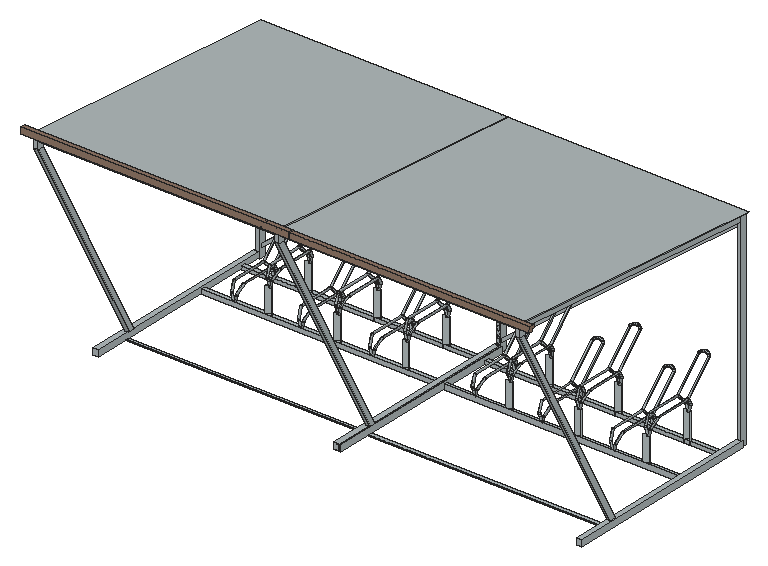
Revit family "Borås 12 Places", category Furniture, Revit 2020
Family settings
  OmniClass Number = 23.21.23.13.15
  Work Plane-Based = No
  Always vertical = Yes
  Cut with Voids When Loaded = No
  Shared = No
  Room Calculation Point = No
Parameters (values of type "8012489 Borås 12 Places / Galvanized")
  Uniclass 1.4 Description = "Furniture"
  Uniclass 1.4 Code = "L8211"
  URL = "https://www.hags.com/"
  QR code = ""
  Product url = "https://www.hags.com/en-us/park-urban/bicycle-storage/boraas-cycle-shelter/not-applicable-cast-in-place-12-places-aug-2010-galvanised"
  Product name = "Borås 12 Places / Galvanized"
  Product data url = ""
  Product SKU = ""
  Product Guid = "90e49432-c870-4a59-897e-b15016e8f9bd"
  OmniClass Description = ""
  OmniClass Code = "23-21 23 13 15"
  Model = "8012489"
  Manufacturer name = "HAGS"
  Manufacturer = "Hags"
  IFC Classification = "Furniture"
  Edition number = 1
  Description = "Borås 12 Places Galvanized "  # constant formula
  Default Elevation = 0 mm
  Construction material = Hags - Steel - Galvanized
  Body material_90 = Hags - Steel - Galvanized
  Body material = Hags - Steel - Galvanized
  BIMobject category = "bicycle-storage"
Reference planes
  plane 1 "Center (Front/Back)": y = 0
  plane 2: z = 0
  plane 3 "Center (Left/Right)": x = 0
Forms (mm)
  Extrusion 1, solid, material "Hags - Steel - Galvanized" <- "Construction material"
    sketch origin (-984.74, 2579.408, 0) x (0, 1, 0) y (0, 0, 1)
      loop
        line (-184.965, 0) -> (-184.965, 1710) -> (-234.965, 1710) -> (-234.965, 0) -> (-184.965, 0)
    from 0 to 32
  Extrusion 2, solid, material "Hags - Steel - Galvanized" <- "Construction material"
    sketch origin (-984.74, 2579.408, 0) x (0, 1, 0) y (0, 0, 1)
      loop
        line (-234.965, 1660) -> (-234.965, 1710) -> (-2462.806, 1904.911) -> (-2462.806, 1854.911) -> (-234.965, 1660)
    from 0 to 32
  Extrusion 3, solid, material "Hags - Steel - Galvanized" <- "Construction material"
    sketch origin (-985.052, 2579.408, 0) x (0, 1, 0) y (0, 0, 1)
      loop
        line (-2462.806, 1904.911) -> (-2512.806, 1904.911) -> (-2512.806, 1804.027) -> (-2462.806, 1804.027) -> (-2462.806, 1904.911)
    from 0 to 35
  Extrusion 4, solid, material "Hags - Steel - Galvanized" <- "Construction material"
    sketch origin (-985.052, 2579.408, 0) x (0, 1, 0) y (0, 0, 1)
      loop
        line (-2462.806, 1804.027) -> (-2512.806, 1804.027) -> (-1580.173, 50) -> (-1530.173, 50) -> (-1534.159, 57.495) -> (-2462.806, 1804.027)
    from 0 to 32
  Extrusion 5, solid, material "Hags - Steel - Galvanized" <- "Construction material"
    sketch origin (-1000.677, 2579.408, 0) x (0, 1, 0) y (0, 0, 1)
      loop
        line (-234.965, 50) -> (-1884.965, 50) -> (-1884.965, 0) -> (-234.965, 0) -> (-234.965, 50)
    from 0 to 43.755
  Extrusion 6, solid, material "Hags - Steel - Galvanized" <- "Construction material"
    sketch origin (-1000.677, 2384.408, 0) x (1, 0, 0) y (0, 0, 1)
      loop
        line (1995.745, 1698.705) -> (48.562, 1698.705) -> (48.562, 1664.079) -> (1995.745, 1664.079) -> (1995.745, 1698.705)
    from 0 to 32
  Extrusion 7, solid, material "Hags - Steel - Galvanized" <- "Construction material"
    sketch origin (-998.495, 109.408, 195.46) x (1, 0, 0) y (0, 0, 1)
      loop
        line (1995.745, 1698.705) -> (48.562, 1698.705) -> (48.562, 1664.079) -> (1995.745, 1664.079) -> (1995.745, 1698.705)
    from 0 to 38
  Extrusion 8, solid, material "Hags - Steel - Galvanized" <- "Construction material"
    sketch origin (-1000.677, 2384.408, 0) x (1, 0, 0) y (0, 0, 1)
      loop
        line (48.25, 73.319) -> (1994.904, 1618.13) -> (1994.904, 1650.001) -> (48.25, 103.265) -> (48.25, 73.319)
    from 0 to 32
  Extrusion 9, solid, material "Hags - Steel - Galvanized" <- "Construction material"
    sketch origin (-1000.677, 2579.408, 0) x (1, 0, 0) y (0, 1, 0)
      loop
        line (567.382, -415.587) -> (568.066, -416.141) -> (595.442, -389.704) -> (622.846, -415.88) -> (623.948, -415.585) -> (595.666, -387.302) -> (567.382, -415.587)
    from 0 to 245
  Extrusion 10, solid, material "Hags - Steel - Galvanized" <- "Construction material"
    sketch origin (-437.865, 2579.408, 0) x (1, 0, 0) y (0, 1, 0)
      loop
        line (567.382, -415.587) -> (568.066, -416.141) -> (595.442, -389.704) -> (622.846, -415.88) -> (623.948, -415.585) -> (595.666, -387.302) -> (567.382, -415.587)
    from 0 to 245
  Extrusion 11, solid, material "Hags - Steel - Galvanized" <- "Construction material"
    sketch origin (127.952, 2579.408, 0) x (1, 0, 0) y (0, 1, 0)
      loop
        line (567.382, -415.587) -> (568.066, -416.141) -> (595.442, -389.704) -> (622.846, -415.88) -> (623.948, -415.585) -> (595.666, -387.302) -> (567.382, -415.587)
    from 0 to 245
  Extrusion 12, solid, material "Hags - Steel - Galvanized" <- "Construction material"
    sketch origin (-1000.677, 2578.158, 0) x (1, 0, 0) y (0, 1, 0)
      loop
        line (48.562, -384.793) -> (48.562, -416.074) -> (1993.755, -416.074) -> (1993.755, -384.793) -> (48.562, -384.793)
    from 0 to 30
  Extrusion 13, solid, material "Hags - Steel - Galvanized" <- "Construction material"
    sketch origin (-1000.677, 2579.408, 0) x (1, 0, 0) y (0, 1, 0)
      loop
        line (46.821, -836.074) -> (1993.755, -836.074) -> (1993.755, -806.074) -> (46.821, -806.074) -> (46.821, -836.074)
    from 0 to 40
  Extrusion 14, solid, material "Hags - Steel - Galvanized" <- "Construction material"
    sketch origin (-1005.87, 1805.033, 2.5) x (1, 0, 0) y (0, 1, 0)
      loop
        line (48.948, -836.074) -> (1998.948, -836.074) -> (1998.948, -806.074) -> (48.948, -806.074) -> (48.948, -836.074)
    from 0 to 6
  Extrusion 15, solid, material "Hags - Steel - Galvanized" <- "Construction material"
    sketch origin (992.76, 2579.408, 0) x (0, 1, 0) y (0, 0, 1)
      loop
        line (-184.965, 0) -> (-184.965, 1710) -> (-234.965, 1710) -> (-234.965, 0) -> (-184.965, 0)
    from 0 to 32
  Extrusion 16, solid, material "Hags - Steel - Galvanized" <- "Construction material"
    sketch origin (992.76, 2579.408, 0) x (0, 1, 0) y (0, 0, 1)
      loop
        line (-234.965, 1660) -> (-234.965, 1710) -> (-2462.806, 1904.911) -> (-2462.806, 1854.911) -> (-234.965, 1660)
    from 0 to 32
  Extrusion 17, solid, material "Hags - Steel - Galvanized" <- "Construction material"
    sketch origin (992.448, 2579.408, 0) x (0, 1, 0) y (0, 0, 1)
      loop
        line (-2462.806, 1904.911) -> (-2512.806, 1904.911) -> (-2512.806, 1804.027) -> (-2462.806, 1804.027) -> (-2462.806, 1904.911)
    from 0 to 35
  Extrusion 18, solid, material "Hags - Steel - Galvanized" <- "Construction material"
    sketch origin (993.073, 2579.408, 0) x (0, 1, 0) y (0, 0, 1)
      loop
        line (-2462.806, 1804.027) -> (-2512.806, 1804.027) -> (-1580.173, 50) -> (-1530.173, 50) -> (-1534.159, 57.495) -> (-2462.806, 1804.027)
    from 0 to 32
  Extrusion 19, solid, material "Hags - Steel - Galvanized" <- "Construction material"
    sketch origin (994.13, 2579.408, 0) x (0, 1, 0) y (0, 0, 1)
      loop
        line (-234.965, 50) -> (-1884.965, 50) -> (-1884.965, 0) -> (-234.965, 0) -> (-234.965, 50)
    from 0 to 43.755
  Sweep 20, solid, material "Hags - Steel - Galvanized" <- "Body material"
    path origin (-364.372, 2583.549, -230.474) x (0, 1, 0) y (-0.309017, 0, 0.951057)
      loop
        line (-820.886, 0) -> (-820.886, 55.905) -> (-820.886, 59.124) -> (-819.965, 62.137) -> (-770.078, 125.99) -> (-766.002, 127.89) -> (-465.186, 127.89) -> (-461.094, 126.401) -> (-410.881, 58.199) -> (-410.115, 55.342) -> (-410.115, 0)
    profile origin (-373.01, 1762.663, -203.89) x (0, -1, 0) y (0.951057, 0, 0.309017)
      loop
        circle (0, 840.487) r 6.5
  Sweep 21, solid, material "Hags - Steel - Galvanized" <- "Body material"
    path origin (1244.524, 2583.549, -216.428) x (0, 1, 0) y (-0.292373, 0, -0.956304)
      loop
        line (-820.886, 0) -> (-820.886, -55.905) -> (-820.886, -59.124) -> (-819.965, -62.137) -> (-770.078, -125.99) -> (-766.002, -127.89) -> (-465.186, -127.89) -> (-461.094, -126.401) -> (-410.881, -58.199) -> (-410.115, -55.342) -> (-410.115, 0)
    profile origin (1252.697, 1762.663, -189.697) x (0, 1, 0) y (-0.956304, 0, 0.292373)
      loop
        circle (0, 840.487) r 6.5
  Sweep 22, solid, material "Hags - Steel - Galvanized" <- "Body material"
    path origin (-444.55, 2090.782, 123.616) x (1, 0, 0) y (0, 0.707107, 0.707107)
      loop
        line (839.702, 42.921) -> (839.702, 340.837) -> (840.265, 347.267) -> (843.228, 353.621) -> (847.934, 360.598) -> (855.705, 366.891) -> (865.691, 370.724) -> (877.383, 372.786) -> (881.238, 372.786) -> (892.864, 371.768) -> (903.629, 368.682) -> (914.205, 361.548) -> (920.498, 353.776) -> (923.074, 342.622) -> (923.074, 42.921)
    profile origin (395.152, 2226.462, 259.295) x (-1, 0, 0) y (0, -0.707107, 0.707107)
      loop
        circle (0, 0) r 6.547
  Sweep 23, solid, material "Hags - Steel - Galvanized" <- "Body material"
    path origin (-949.372, 2583.549, -230.474) x (0, 1, 0) y (-0.309017, 0, 0.951057)
      loop
        line (-820.886, 0) -> (-820.886, 55.905) -> (-820.886, 59.124) -> (-819.965, 62.137) -> (-770.078, 125.99) -> (-766.002, 127.89) -> (-465.186, 127.89) -> (-461.094, 126.401) -> (-410.881, 58.199) -> (-410.115, 55.342) -> (-410.115, 0)
    profile origin (-958.01, 1762.663, -203.89) x (0, -1, 0) y (0.951057, 0, 0.309017)
      loop
        circle (0, 840.487) r 6.5
  Sweep 24, solid, material "Hags - Steel - Galvanized" <- "Body material"
    path origin (659.524, 2583.549, -216.428) x (0, 1, 0) y (-0.292373, 0, -0.956304)
      loop
        line (-820.886, 0) -> (-820.886, -55.905) -> (-820.886, -59.124) -> (-819.965, -62.137) -> (-770.078, -125.99) -> (-766.002, -127.89) -> (-465.186, -127.89) -> (-461.094, -126.401) -> (-410.881, -58.199) -> (-410.115, -55.342) -> (-410.115, 0)
    profile origin (667.697, 1762.663, -189.697) x (0, 1, 0) y (-0.956304, 0, 0.292373)
      loop
        circle (0, 840.487) r 6.5
  Sweep 25, solid, material "Hags - Steel - Galvanized" <- "Body material"
    path origin (-1029.55, 2090.782, 123.616) x (1, 0, 0) y (0, 0.707107, 0.707107)
      loop
        line (839.702, 42.921) -> (839.702, 340.837) -> (840.265, 347.267) -> (843.228, 353.621) -> (847.934, 360.598) -> (855.705, 366.891) -> (865.691, 370.724) -> (877.383, 372.786) -> (881.238, 372.786) -> (892.864, 371.768) -> (903.629, 368.682) -> (914.205, 361.548) -> (920.498, 353.776) -> (923.074, 342.622) -> (923.074, 42.921)
    profile origin (-189.848, 2226.462, 259.295) x (-1, 0, 0) y (0, -0.707107, 0.707107)
      loop
        circle (0, 0) r 6.547
  Sweep 26, solid, material "Hags - Steel - Galvanized" <- "Body material"
    path origin (-1499.372, 2583.549, -230.474) x (0, 1, 0) y (-0.309017, 0, 0.951057)
      loop
        line (-820.886, 0) -> (-820.886, 55.905) -> (-820.886, 59.124) -> (-819.965, 62.137) -> (-770.078, 125.99) -> (-766.002, 127.89) -> (-465.186, 127.89) -> (-461.094, 126.401) -> (-410.881, 58.199) -> (-410.115, 55.342) -> (-410.115, 0)
    profile origin (-1508.01, 1762.663, -203.89) x (0, -1, 0) y (0.951057, 0, 0.309017)
      loop
        circle (0, 840.487) r 6.5
  Sweep 27, solid, material "Hags - Steel - Galvanized" <- "Body material"
    path origin (109.524, 2583.549, -216.428) x (0, 1, 0) y (-0.292373, 0, -0.956304)
      loop
        line (-820.886, 0) -> (-820.886, -55.905) -> (-820.886, -59.124) -> (-819.965, -62.137) -> (-770.078, -125.99) -> (-766.002, -127.89) -> (-465.186, -127.89) -> (-461.094, -126.401) -> (-410.881, -58.199) -> (-410.115, -55.342) -> (-410.115, 0)
    profile origin (117.697, 1762.663, -189.697) x (0, 1, 0) y (-0.956304, 0, 0.292373)
      loop
        circle (0, 840.487) r 6.5
  Sweep 28, solid, material "Hags - Steel - Galvanized" <- "Body material"
    path origin (-1579.55, 2090.782, 123.616) x (1, 0, 0) y (0, 0.707107, 0.707107)
      loop
        line (839.702, 42.921) -> (839.702, 340.837) -> (840.265, 347.267) -> (843.228, 353.621) -> (847.934, 360.598) -> (855.705, 366.891) -> (865.691, 370.724) -> (877.383, 372.786) -> (881.238, 372.786) -> (892.864, 371.768) -> (903.629, 368.682) -> (914.205, 361.548) -> (920.498, 353.776) -> (923.074, 342.622) -> (923.074, 42.921)
    profile origin (-739.848, 2226.462, 259.295) x (-1, 0, 0) y (0, -0.707107, 0.707107)
      loop
        circle (0, 0) r 6.547
  Sweep 29, solid, material "Hags - Steel - Galvanized" <- "Body material"
    path origin (-76.723, 2583.549, -20.216) x (0, 1, 0) y (-0.309017, 0, 0.951057)
      loop
        line (-820.886, 0) -> (-820.886, 55.905) -> (-820.886, 59.124) -> (-819.965, 62.137) -> (-770.078, 125.99) -> (-766.002, 127.89) -> (-465.186, 127.89) -> (-461.094, 126.401) -> (-410.881, 58.199) -> (-410.115, 55.342) -> (-410.115, 0)
    profile origin (-85.361, 1762.663, 6.368) x (0, -1, 0) y (0.951057, 0, 0.309017)
      loop
        circle (0, 840.487) r 6.5
  Sweep 30, solid, material "Hags - Steel - Galvanized" <- "Body material"
    path origin (1532.174, 2583.549, -6.17) x (0, 1, 0) y (-0.292373, 0, -0.956304)
      loop
        line (-820.886, 0) -> (-820.886, -55.905) -> (-820.886, -59.124) -> (-819.965, -62.137) -> (-770.078, -125.99) -> (-766.002, -127.89) -> (-465.186, -127.89) -> (-461.094, -126.401) -> (-410.881, -58.199) -> (-410.115, -55.342) -> (-410.115, 0)
    profile origin (1540.346, 1762.663, 20.561) x (0, 1, 0) y (-0.956304, 0, 0.292373)
      loop
        circle (0, 840.487) r 6.5
  Sweep 31, solid, material "Hags - Steel - Galvanized" <- "Body material"
    path origin (-156.901, 2090.782, 333.874) x (1, 0, 0) y (0, 0.707107, 0.707107)
      loop
        line (839.702, 42.921) -> (839.702, 340.837) -> (840.265, 347.267) -> (843.228, 353.621) -> (847.934, 360.598) -> (855.705, 366.891) -> (865.691, 370.724) -> (877.383, 372.786) -> (881.238, 372.786) -> (892.864, 371.768) -> (903.629, 368.682) -> (914.205, 361.548) -> (920.498, 353.776) -> (923.074, 342.622) -> (923.074, 42.921)
    profile origin (682.801, 2226.462, 469.553) x (-1, 0, 0) y (0, -0.707107, 0.707107)
      loop
        circle (0, 0) r 6.547
  Extrusion 32, solid, material "Hags - Steel - Galvanized" <- "Construction material"
    sketch origin (127.952, 2165.658, 0) x (1, 0, 0) y (0, 1, 0)
      loop
        line (567.382, -415.587) -> (568.066, -416.141) -> (595.442, -389.704) -> (622.846, -415.88) -> (623.948, -415.585) -> (595.666, -387.302) -> (567.382, -415.587)
    from 0 to 245
  Sweep 33, solid, material "Hags - Steel - Galvanized" <- "Body material"
    path origin (-641.723, 2583.549, -20.216) x (0, 1, 0) y (-0.309017, 0, 0.951057)
      loop
        line (-820.886, 0) -> (-820.886, 55.905) -> (-820.886, 59.124) -> (-819.965, 62.137) -> (-770.078, 125.99) -> (-766.002, 127.89) -> (-465.186, 127.89) -> (-461.094, 126.401) -> (-410.881, 58.199) -> (-410.115, 55.342) -> (-410.115, 0)
    profile origin (-650.361, 1762.663, 6.368) x (0, -1, 0) y (0.951057, 0, 0.309017)
      loop
        circle (0, 840.487) r 6.5
  Sweep 34, solid, material "Hags - Steel - Galvanized" <- "Body material"
    path origin (967.174, 2583.549, -6.17) x (0, 1, 0) y (-0.292373, 0, -0.956304)
      loop
        line (-820.886, 0) -> (-820.886, -55.905) -> (-820.886, -59.124) -> (-819.965, -62.137) -> (-770.078, -125.99) -> (-766.002, -127.89) -> (-465.186, -127.89) -> (-461.094, -126.401) -> (-410.881, -58.199) -> (-410.115, -55.342) -> (-410.115, 0)
    profile origin (975.346, 1762.663, 20.561) x (0, 1, 0) y (-0.956304, 0, 0.292373)
      loop
        circle (0, 840.487) r 6.5
  Sweep 35, solid, material "Hags - Steel - Galvanized" <- "Body material"
    path origin (-721.901, 2090.782, 333.874) x (1, 0, 0) y (0, 0.707107, 0.707107)
      loop
        line (839.702, 42.921) -> (839.702, 340.837) -> (840.265, 347.267) -> (843.228, 353.621) -> (847.934, 360.598) -> (855.705, 366.891) -> (865.691, 370.724) -> (877.383, 372.786) -> (881.238, 372.786) -> (892.864, 371.768) -> (903.629, 368.682) -> (914.205, 361.548) -> (920.498, 353.776) -> (923.074, 342.622) -> (923.074, 42.921)
    profile origin (117.801, 2226.462, 469.553) x (-1, 0, 0) y (0, -0.707107, 0.707107)
      loop
        circle (0, 0) r 6.547
  Extrusion 36, solid, material "Hags - Steel - Galvanized" <- "Construction material"
    sketch origin (-437.048, 2165.658, 0) x (1, 0, 0) y (0, 1, 0)
      loop
        line (567.382, -415.587) -> (568.066, -416.141) -> (595.442, -389.704) -> (622.846, -415.88) -> (623.948, -415.585) -> (595.666, -387.302) -> (567.382, -415.587)
    from 0 to 245
  Sweep 37, solid, material "Hags - Steel - Galvanized" <- "Body material"
    path origin (-1205.473, 2583.549, -20.216) x (0, 1, 0) y (-0.309017, 0, 0.951057)
      loop
        line (-820.886, 0) -> (-820.886, 55.905) -> (-820.886, 59.124) -> (-819.965, 62.137) -> (-770.078, 125.99) -> (-766.002, 127.89) -> (-465.186, 127.89) -> (-461.094, 126.401) -> (-410.881, 58.199) -> (-410.115, 55.342) -> (-410.115, 0)
    profile origin (-1214.111, 1762.663, 6.368) x (0, -1, 0) y (0.951057, 0, 0.309017)
      loop
        circle (0, 840.487) r 6.5
  Sweep 38, solid, material "Hags - Steel - Galvanized" <- "Body material"
    path origin (403.424, 2583.549, -6.17) x (0, 1, 0) y (-0.292373, 0, -0.956304)
      loop
        line (-820.886, 0) -> (-820.886, -55.905) -> (-820.886, -59.124) -> (-819.965, -62.137) -> (-770.078, -125.99) -> (-766.002, -127.89) -> (-465.186, -127.89) -> (-461.094, -126.401) -> (-410.881, -58.199) -> (-410.115, -55.342) -> (-410.115, 0)
    profile origin (411.596, 1762.663, 20.561) x (0, 1, 0) y (-0.956304, 0, 0.292373)
      loop
        circle (0, 840.487) r 6.5
  Sweep 39, solid, material "Hags - Steel - Galvanized" <- "Body material"
    path origin (-1285.651, 2090.782, 333.874) x (1, 0, 0) y (0, 0.707107, 0.707107)
      loop
        line (839.702, 42.921) -> (839.702, 340.837) -> (840.265, 347.267) -> (843.228, 353.621) -> (847.934, 360.598) -> (855.705, 366.891) -> (865.691, 370.724) -> (877.383, 372.786) -> (881.238, 372.786) -> (892.864, 371.768) -> (903.629, 368.682) -> (914.205, 361.548) -> (920.498, 353.776) -> (923.074, 342.622) -> (923.074, 42.921)
    profile origin (-445.949, 2226.462, 469.553) x (-1, 0, 0) y (0, -0.707107, 0.707107)
      loop
        circle (0, 0) r 6.547
  Extrusion 40, solid, material "Hags - Steel - Galvanized" <- "Construction material"
    sketch origin (-1000.798, 2165.658, 0) x (1, 0, 0) y (0, 1, 0)
      loop
        line (567.382, -415.587) -> (568.066, -416.141) -> (595.442, -389.704) -> (622.846, -415.88) -> (623.948, -415.585) -> (595.666, -387.302) -> (567.382, -415.587)
    from 0 to 245
  Extrusion 41, solid, material "Hags - Wood - Bark brown"
    sketch origin (-1075.269, 2592.308, -25) x (0, 1, 0) y (0, 0, 1)
      loop
        line (-2549.63, 1911.391) -> (-2527.825, 1909.1) -> (-2525.404, 1932.128) -> (-2502.617, 1929.733) -> (-2500.3, 1951.774) -> (-2544.893, 1956.461) -> (-2549.63, 1911.391)
    from -1.351 to 2200
  Extrusion 42, solid, material "Hags - Steel - Galvanized" <- "Body material"
    sketch origin (3679.106, -1732.992, 2066.313) x (1, 0, 0) y (0, 0.996302, -0.085916)
      loop
        line (-4664.158, 1835.544) -> (-2639.158, 1835.544) -> (-2639.158, 4145.544) -> (-4664.158, 4145.544) -> (-4664.158, 1835.544)
    from 0 to 8
  Extrusion 43, solid, material "Hags - Steel - Galvanized" <- "Construction material"
    sketch origin (-2962.865, 2579.408, 0) x (0, 1, 0) y (0, 0, 1)
      loop
        line (-184.965, 0) -> (-184.965, 1710) -> (-234.965, 1710) -> (-234.965, 0) -> (-184.965, 0)
    from 0 to 32
  Extrusion 44, solid, material "Hags - Steel - Galvanized" <- "Construction material"
    sketch origin (-2962.865, 2579.408, 0) x (0, 1, 0) y (0, 0, 1)
      loop
        line (-234.965, 1660) -> (-234.965, 1710) -> (-2462.806, 1904.911) -> (-2462.806, 1854.911) -> (-234.965, 1660)
    from 0 to 32
  Extrusion 45, solid, material "Hags - Steel - Galvanized" <- "Construction material"
    sketch origin (-2963.177, 2579.408, 0) x (0, 1, 0) y (0, 0, 1)
      loop
        line (-2462.806, 1904.911) -> (-2512.806, 1904.911) -> (-2512.806, 1804.027) -> (-2462.806, 1804.027) -> (-2462.806, 1904.911)
    from 0 to 35
  Extrusion 46, solid, material "Hags - Steel - Galvanized" <- "Construction material"
    sketch origin (-2963.177, 2579.408, 0) x (0, 1, 0) y (0, 0, 1)
      loop
        line (-2462.806, 1804.027) -> (-2512.806, 1804.027) -> (-1580.173, 50) -> (-1530.173, 50) -> (-1534.159, 57.495) -> (-2462.806, 1804.027)
    from 0 to 32
  Extrusion 47, solid, material "Hags - Steel - Galvanized" <- "Construction material"
    sketch origin (-2978.802, 2579.408, 0) x (0, 1, 0) y (0, 0, 1)
      loop
        line (-234.965, 50) -> (-1884.965, 50) -> (-1884.965, 0) -> (-234.965, 0) -> (-234.965, 50)
    from 0 to 43.755
  Extrusion 48, solid, material "Hags - Steel - Galvanized" <- "Construction material"
    sketch origin (-2978.802, 2384.408, 0) x (1, 0, 0) y (0, 0, 1)
      loop
        line (1995.745, 1698.705) -> (48.562, 1698.705) -> (48.562, 1664.079) -> (1995.745, 1664.079) -> (1995.745, 1698.705)
    from 0 to 32
  Extrusion 49, solid, material "Hags - Steel - Galvanized" <- "Construction material"
    sketch origin (-2976.62, 109.408, 195.46) x (1, 0, 0) y (0, 0, 1)
      loop
        line (1995.745, 1698.705) -> (48.562, 1698.705) -> (48.562, 1664.079) -> (1995.745, 1664.079) -> (1995.745, 1698.705)
    from 0 to 38
  Extrusion 50, solid, material "Hags - Steel - Galvanized" <- "Construction material"
    sketch origin (-2978.802, 2384.408, 0) x (1, 0, 0) y (0, 0, 1)
      loop
        line (48.25, 73.319) -> (1994.904, 1618.13) -> (1994.904, 1650.001) -> (48.25, 103.265) -> (48.25, 73.319)
    from 0 to 32
  Extrusion 51, solid, material "Hags - Steel - Galvanized" <- "Construction material"
    sketch origin (-2978.802, 2579.408, 0) x (1, 0, 0) y (0, 1, 0)
      loop
        line (567.382, -415.587) -> (568.066, -416.141) -> (595.442, -389.704) -> (622.846, -415.88) -> (623.948, -415.585) -> (595.666, -387.302) -> (567.382, -415.587)
    from 0 to 245
  Extrusion 52, solid, material "Hags - Steel - Galvanized" <- "Construction material"
    sketch origin (-2415.99, 2579.408, 0) x (1, 0, 0) y (0, 1, 0)
      loop
        line (567.382, -415.587) -> (568.066, -416.141) -> (595.442, -389.704) -> (622.846, -415.88) -> (623.948, -415.585) -> (595.666, -387.302) -> (567.382, -415.587)
    from 0 to 245
  Extrusion 53, solid, material "Hags - Steel - Galvanized" <- "Construction material"
    sketch origin (-1850.173, 2579.408, 0) x (1, 0, 0) y (0, 1, 0)
      loop
        line (567.382, -415.587) -> (568.066, -416.141) -> (595.442, -389.704) -> (622.846, -415.88) -> (623.948, -415.585) -> (595.666, -387.302) -> (567.382, -415.587)
    from 0 to 245
  Extrusion 54, solid, material "Hags - Steel - Galvanized" <- "Construction material"
    sketch origin (-2978.802, 2578.158, 0) x (1, 0, 0) y (0, 1, 0)
      loop
        line (48.562, -384.793) -> (48.562, -416.074) -> (1993.755, -416.074) -> (1993.755, -384.793) -> (48.562, -384.793)
    from 0 to 30
  Extrusion 55, solid, material "Hags - Steel - Galvanized" <- "Construction material"
    sketch origin (-2978.802, 2579.408, 0) x (1, 0, 0) y (0, 1, 0)
      loop
        line (46.821, -836.074) -> (1993.755, -836.074) -> (1993.755, -806.074) -> (46.821, -806.074) -> (46.821, -836.074)
    from 0 to 40
  Extrusion 56, solid, material "Hags - Steel - Galvanized" <- "Construction material"
    sketch origin (-2983.995, 1805.033, 2.5) x (1, 0, 0) y (0, 1, 0)
      loop
        line (48.948, -836.074) -> (1998.948, -836.074) -> (1998.948, -806.074) -> (48.948, -806.074) -> (48.948, -836.074)
    from 0 to 6
  Extrusion 57, solid, material "Hags - Steel - Galvanized" <- "Construction material"
    sketch origin (-985.365, 2579.408, 0) x (0, 1, 0) y (0, 0, 1)
      loop
        line (-184.965, 0) -> (-184.965, 1710) -> (-234.965, 1710) -> (-234.965, 0) -> (-184.965, 0)
    from 0 to 32
  Extrusion 58, solid, material "Hags - Steel - Galvanized" <- "Construction material"
    sketch origin (-985.365, 2579.408, 0) x (0, 1, 0) y (0, 0, 1)
      loop
        line (-234.965, 1660) -> (-234.965, 1710) -> (-2462.806, 1904.911) -> (-2462.806, 1854.911) -> (-234.965, 1660)
    from 0 to 32
  Extrusion 59, solid, material "Hags - Steel - Galvanized" <- "Construction material"
    sketch origin (-985.677, 2579.408, 0) x (0, 1, 0) y (0, 0, 1)
      loop
        line (-2462.806, 1904.911) -> (-2512.806, 1904.911) -> (-2512.806, 1804.027) -> (-2462.806, 1804.027) -> (-2462.806, 1904.911)
    from 0 to 35
  Extrusion 60, solid, material "Hags - Steel - Galvanized" <- "Construction material"
    sketch origin (-985.052, 2579.408, 0) x (0, 1, 0) y (0, 0, 1)
      loop
        line (-2462.806, 1804.027) -> (-2512.806, 1804.027) -> (-1580.173, 50) -> (-1530.173, 50) -> (-1534.159, 57.495) -> (-2462.806, 1804.027)
    from 0 to 32
  Extrusion 61, solid, material "Hags - Steel - Galvanized" <- "Construction material"
    sketch origin (-983.995, 2579.408, 0) x (0, 1, 0) y (0, 0, 1)
      loop
        line (-234.965, 50) -> (-1884.965, 50) -> (-1884.965, 0) -> (-234.965, 0) -> (-234.965, 50)
    from 0 to 43.755
  Sweep 62, solid, material "Hags - Steel - Galvanized" <- "Body material"
    path origin (-2342.497, 2583.549, -230.474) x (0, 1, 0) y (-0.309017, 0, 0.951057)
      loop
        line (-820.886, 0) -> (-820.886, 55.905) -> (-820.886, 59.124) -> (-819.965, 62.137) -> (-770.078, 125.99) -> (-766.002, 127.89) -> (-465.186, 127.89) -> (-461.094, 126.401) -> (-410.881, 58.199) -> (-410.115, 55.342) -> (-410.115, 0)
    profile origin (-2351.135, 1762.663, -203.89) x (0, -1, 0) y (0.951057, 0, 0.309017)
      loop
        circle (0, 840.487) r 6.5
  Sweep 63, solid, material "Hags - Steel - Galvanized" <- "Body material"
    path origin (-733.601, 2583.549, -216.428) x (0, 1, 0) y (-0.292373, 0, -0.956304)
      loop
        line (-820.886, 0) -> (-820.886, -55.905) -> (-820.886, -59.124) -> (-819.965, -62.137) -> (-770.078, -125.99) -> (-766.002, -127.89) -> (-465.186, -127.89) -> (-461.094, -126.401) -> (-410.881, -58.199) -> (-410.115, -55.342) -> (-410.115, 0)
    profile origin (-725.428, 1762.663, -189.697) x (0, 1, 0) y (-0.956304, 0, 0.292373)
      loop
        circle (0, 840.487) r 6.5
  Sweep 64, solid, material "Hags - Steel - Galvanized" <- "Body material"
    path origin (-2422.675, 2090.782, 123.616) x (1, 0, 0) y (0, 0.707107, 0.707107)
      loop
        line (839.702, 42.921) -> (839.702, 340.837) -> (840.265, 347.267) -> (843.228, 353.621) -> (847.934, 360.598) -> (855.705, 366.891) -> (865.691, 370.724) -> (877.383, 372.786) -> (881.238, 372.786) -> (892.864, 371.768) -> (903.629, 368.682) -> (914.205, 361.548) -> (920.498, 353.776) -> (923.074, 342.622) -> (923.074, 42.921)
    profile origin (-1582.973, 2226.462, 259.295) x (-1, 0, 0) y (0, -0.707107, 0.707107)
      loop
        circle (0, 0) r 6.547
  Sweep 65, solid, material "Hags - Steel - Galvanized" <- "Body material"
    path origin (-2927.497, 2583.549, -230.474) x (0, 1, 0) y (-0.309017, 0, 0.951057)
      loop
        line (-820.886, 0) -> (-820.886, 55.905) -> (-820.886, 59.124) -> (-819.965, 62.137) -> (-770.078, 125.99) -> (-766.002, 127.89) -> (-465.186, 127.89) -> (-461.094, 126.401) -> (-410.881, 58.199) -> (-410.115, 55.342) -> (-410.115, 0)
    profile origin (-2936.135, 1762.663, -203.89) x (0, -1, 0) y (0.951057, 0, 0.309017)
      loop
        circle (0, 840.487) r 6.5
  Sweep 66, solid, material "Hags - Steel - Galvanized" <- "Body material"
    path origin (-1318.601, 2583.549, -216.428) x (0, 1, 0) y (-0.292373, 0, -0.956304)
      loop
        line (-820.886, 0) -> (-820.886, -55.905) -> (-820.886, -59.124) -> (-819.965, -62.137) -> (-770.078, -125.99) -> (-766.002, -127.89) -> (-465.186, -127.89) -> (-461.094, -126.401) -> (-410.881, -58.199) -> (-410.115, -55.342) -> (-410.115, 0)
    profile origin (-1310.428, 1762.663, -189.697) x (0, 1, 0) y (-0.956304, 0, 0.292373)
      loop
        circle (0, 840.487) r 6.5
  Sweep 67, solid, material "Hags - Steel - Galvanized" <- "Body material"
    path origin (-3007.675, 2090.782, 123.616) x (1, 0, 0) y (0, 0.707107, 0.707107)
      loop
        line (839.702, 42.921) -> (839.702, 340.837) -> (840.265, 347.267) -> (843.228, 353.621) -> (847.934, 360.598) -> (855.705, 366.891) -> (865.691, 370.724) -> (877.383, 372.786) -> (881.238, 372.786) -> (892.864, 371.768) -> (903.629, 368.682) -> (914.205, 361.548) -> (920.498, 353.776) -> (923.074, 342.622) -> (923.074, 42.921)
    profile origin (-2167.973, 2226.462, 259.295) x (-1, 0, 0) y (0, -0.707107, 0.707107)
      loop
        circle (0, 0) r 6.547
  Sweep 68, solid, material "Hags - Steel - Galvanized" <- "Body material"
    path origin (-3477.497, 2583.549, -230.474) x (0, 1, 0) y (-0.309017, 0, 0.951057)
      loop
        line (-820.886, 0) -> (-820.886, 55.905) -> (-820.886, 59.124) -> (-819.965, 62.137) -> (-770.078, 125.99) -> (-766.002, 127.89) -> (-465.186, 127.89) -> (-461.094, 126.401) -> (-410.881, 58.199) -> (-410.115, 55.342) -> (-410.115, 0)
    profile origin (-3486.135, 1762.663, -203.89) x (0, -1, 0) y (0.951057, 0, 0.309017)
      loop
        circle (0, 840.487) r 6.5
  Sweep 69, solid, material "Hags - Steel - Galvanized" <- "Body material"
    path origin (-1868.601, 2583.549, -216.428) x (0, 1, 0) y (-0.292373, 0, -0.956304)
      loop
        line (-820.886, 0) -> (-820.886, -55.905) -> (-820.886, -59.124) -> (-819.965, -62.137) -> (-770.078, -125.99) -> (-766.002, -127.89) -> (-465.186, -127.89) -> (-461.094, -126.401) -> (-410.881, -58.199) -> (-410.115, -55.342) -> (-410.115, 0)
    profile origin (-1860.428, 1762.663, -189.697) x (0, 1, 0) y (-0.956304, 0, 0.292373)
      loop
        circle (0, 840.487) r 6.5
  Sweep 70, solid, material "Hags - Steel - Galvanized" <- "Body material"
    path origin (-3557.675, 2090.782, 123.616) x (1, 0, 0) y (0, 0.707107, 0.707107)
      loop
        line (839.702, 42.921) -> (839.702, 340.837) -> (840.265, 347.267) -> (843.228, 353.621) -> (847.934, 360.598) -> (855.705, 366.891) -> (865.691, 370.724) -> (877.383, 372.786) -> (881.238, 372.786) -> (892.864, 371.768) -> (903.629, 368.682) -> (914.205, 361.548) -> (920.498, 353.776) -> (923.074, 342.622) -> (923.074, 42.921)
    profile origin (-2717.973, 2226.462, 259.295) x (-1, 0, 0) y (0, -0.707107, 0.707107)
      loop
        circle (0, 0) r 6.547
  Sweep 71, solid, material "Hags - Steel - Galvanized" <- "Body material"
    path origin (-2054.848, 2583.549, -20.216) x (0, 1, 0) y (-0.309017, 0, 0.951057)
      loop
        line (-820.886, 0) -> (-820.886, 55.905) -> (-820.886, 59.124) -> (-819.965, 62.137) -> (-770.078, 125.99) -> (-766.002, 127.89) -> (-465.186, 127.89) -> (-461.094, 126.401) -> (-410.881, 58.199) -> (-410.115, 55.342) -> (-410.115, 0)
    profile origin (-2063.486, 1762.663, 6.368) x (0, -1, 0) y (0.951057, 0, 0.309017)
      loop
        circle (0, 840.487) r 6.5
  Sweep 72, solid, material "Hags - Steel - Galvanized" <- "Body material"
    path origin (-445.951, 2583.549, -6.17) x (0, 1, 0) y (-0.292373, 0, -0.956304)
      loop
        line (-820.886, 0) -> (-820.886, -55.905) -> (-820.886, -59.124) -> (-819.965, -62.137) -> (-770.078, -125.99) -> (-766.002, -127.89) -> (-465.186, -127.89) -> (-461.094, -126.401) -> (-410.881, -58.199) -> (-410.115, -55.342) -> (-410.115, 0)
    profile origin (-437.779, 1762.663, 20.561) x (0, 1, 0) y (-0.956304, 0, 0.292373)
      loop
        circle (0, 840.487) r 6.5
  Sweep 73, solid, material "Hags - Steel - Galvanized" <- "Body material"
    path origin (-2135.026, 2090.782, 333.874) x (1, 0, 0) y (0, 0.707107, 0.707107)
      loop
        line (839.702, 42.921) -> (839.702, 340.837) -> (840.265, 347.267) -> (843.228, 353.621) -> (847.934, 360.598) -> (855.705, 366.891) -> (865.691, 370.724) -> (877.383, 372.786) -> (881.238, 372.786) -> (892.864, 371.768) -> (903.629, 368.682) -> (914.205, 361.548) -> (920.498, 353.776) -> (923.074, 342.622) -> (923.074, 42.921)
    profile origin (-1295.324, 2226.462, 469.553) x (-1, 0, 0) y (0, -0.707107, 0.707107)
      loop
        circle (0, 0) r 6.547
  Extrusion 74, solid, material "Hags - Steel - Galvanized" <- "Construction material"
    sketch origin (-1850.173, 2165.658, 0) x (1, 0, 0) y (0, 1, 0)
      loop
        line (567.382, -415.587) -> (568.066, -416.141) -> (595.442, -389.704) -> (622.846, -415.88) -> (623.948, -415.585) -> (595.666, -387.302) -> (567.382, -415.587)
    from 0 to 245
  Sweep 75, solid, material "Hags - Steel - Galvanized" <- "Body material"
    path origin (-2619.848, 2583.549, -20.216) x (0, 1, 0) y (-0.309017, 0, 0.951057)
      loop
        line (-820.886, 0) -> (-820.886, 55.905) -> (-820.886, 59.124) -> (-819.965, 62.137) -> (-770.078, 125.99) -> (-766.002, 127.89) -> (-465.186, 127.89) -> (-461.094, 126.401) -> (-410.881, 58.199) -> (-410.115, 55.342) -> (-410.115, 0)
    profile origin (-2628.486, 1762.663, 6.368) x (0, -1, 0) y (0.951057, 0, 0.309017)
      loop
        circle (0, 840.487) r 6.5
  Sweep 76, solid, material "Hags - Steel - Galvanized" <- "Body material"
    path origin (-1010.951, 2583.549, -6.17) x (0, 1, 0) y (-0.292373, 0, -0.956304)
      loop
        line (-820.886, 0) -> (-820.886, -55.905) -> (-820.886, -59.124) -> (-819.965, -62.137) -> (-770.078, -125.99) -> (-766.002, -127.89) -> (-465.186, -127.89) -> (-461.094, -126.401) -> (-410.881, -58.199) -> (-410.115, -55.342) -> (-410.115, 0)
    profile origin (-1002.779, 1762.663, 20.561) x (0, 1, 0) y (-0.956304, 0, 0.292373)
      loop
        circle (0, 840.487) r 6.5
  Sweep 77, solid, material "Hags - Steel - Galvanized" <- "Body material"
    path origin (-2700.026, 2090.782, 333.874) x (1, 0, 0) y (0, 0.707107, 0.707107)
      loop
        line (839.702, 42.921) -> (839.702, 340.837) -> (840.265, 347.267) -> (843.228, 353.621) -> (847.934, 360.598) -> (855.705, 366.891) -> (865.691, 370.724) -> (877.383, 372.786) -> (881.238, 372.786) -> (892.864, 371.768) -> (903.629, 368.682) -> (914.205, 361.548) -> (920.498, 353.776) -> (923.074, 342.622) -> (923.074, 42.921)
    profile origin (-1860.324, 2226.462, 469.553) x (-1, 0, 0) y (0, -0.707107, 0.707107)
      loop
        circle (0, 0) r 6.547
  Extrusion 78, solid, material "Hags - Steel - Galvanized" <- "Construction material"
    sketch origin (-2415.173, 2165.658, 0) x (1, 0, 0) y (0, 1, 0)
      loop
        line (567.382, -415.587) -> (568.066, -416.141) -> (595.442, -389.704) -> (622.846, -415.88) -> (623.948, -415.585) -> (595.666, -387.302) -> (567.382, -415.587)
    from 0 to 245
  Sweep 79, solid, material "Hags - Steel - Galvanized" <- "Body material"
    path origin (-3183.598, 2583.549, -20.216) x (0, 1, 0) y (-0.309017, 0, 0.951057)
      loop
        line (-820.886, 0) -> (-820.886, 55.905) -> (-820.886, 59.124) -> (-819.965, 62.137) -> (-770.078, 125.99) -> (-766.002, 127.89) -> (-465.186, 127.89) -> (-461.094, 126.401) -> (-410.881, 58.199) -> (-410.115, 55.342) -> (-410.115, 0)
    profile origin (-3192.236, 1762.663, 6.368) x (0, -1, 0) y (0.951057, 0, 0.309017)
      loop
        circle (0, 840.487) r 6.5
  Sweep 80, solid, material "Hags - Steel - Galvanized" <- "Body material"
    path origin (-1574.701, 2583.549, -6.17) x (0, 1, 0) y (-0.292373, 0, -0.956304)
      loop
        line (-820.886, 0) -> (-820.886, -55.905) -> (-820.886, -59.124) -> (-819.965, -62.137) -> (-770.078, -125.99) -> (-766.002, -127.89) -> (-465.186, -127.89) -> (-461.094, -126.401) -> (-410.881, -58.199) -> (-410.115, -55.342) -> (-410.115, 0)
    profile origin (-1566.529, 1762.663, 20.561) x (0, 1, 0) y (-0.956304, 0, 0.292373)
      loop
        circle (0, 840.487) r 6.5
  Sweep 81, solid, material "Hags - Steel - Galvanized" <- "Body material"
    path origin (-3263.776, 2090.782, 333.874) x (1, 0, 0) y (0, 0.707107, 0.707107)
      loop
        line (839.702, 42.921) -> (839.702, 340.837) -> (840.265, 347.267) -> (843.228, 353.621) -> (847.934, 360.598) -> (855.705, 366.891) -> (865.691, 370.724) -> (877.383, 372.786) -> (881.238, 372.786) -> (892.864, 371.768) -> (903.629, 368.682) -> (914.205, 361.548) -> (920.498, 353.776) -> (923.074, 342.622) -> (923.074, 42.921)
    profile origin (-2424.074, 2226.462, 469.553) x (-1, 0, 0) y (0, -0.707107, 0.707107)
      loop
        circle (0, 0) r 6.547
  Extrusion 82, solid, material "Hags - Steel - Galvanized" <- "Construction material"
    sketch origin (-2978.923, 2165.658, 0) x (1, 0, 0) y (0, 1, 0)
      loop
        line (567.382, -415.587) -> (568.066, -416.141) -> (595.442, -389.704) -> (622.846, -415.88) -> (623.948, -415.585) -> (595.666, -387.302) -> (567.382, -415.587)
    from 0 to 245
  Extrusion 83, solid, material "Hags - Wood - Bark brown"
    sketch origin (-3053.394, 2592.308, -25) x (0, 1, 0) y (0, 0, 1)
      loop
        line (-2549.63, 1911.391) -> (-2527.825, 1909.1) -> (-2525.404, 1932.128) -> (-2502.617, 1929.733) -> (-2500.3, 1951.774) -> (-2544.893, 1956.461) -> (-2549.63, 1911.391)
    from -1.351 to 2200
  Extrusion 84, solid, material "Hags - Steel - Galvanized" <- "Body material"
    sketch origin (1700.981, -1732.992, 2066.313) x (1, 0, 0) y (0, 0.996302, -0.085916)
      loop
        line (-4664.158, 1835.544) -> (-2639.158, 1835.544) -> (-2639.158, 4145.544) -> (-4664.158, 4145.544) -> (-4664.158, 1835.544)
    from 0 to 8
Dimensions and locks
  aligned and locked: level to plane 2
